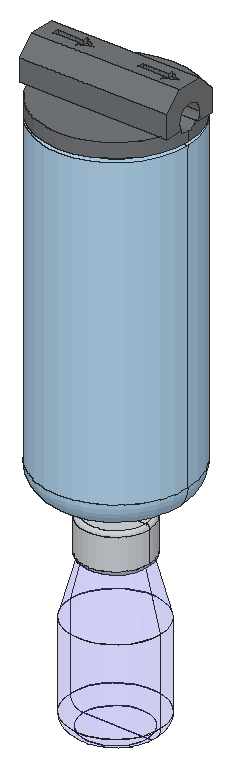
Revit family "FILTRATION ANTI-BACTERIENNE", category Equipement de génie climatique, Revit 2018
Family settings
  Cote de connecteur circulaire = Utiliser le diamètre
  Classification = Aucun
  Type d'élément = Normal
  Basée sur le plan de construction = Non
  Toujours verticalement = Oui
  Couper avec des vides une fois chargée = Non
  Partagée = Non
  Point de calcul de pièce = Non
Parameters (values of type "FD65")
  ØORIFICE = 20 mm
  VISIBILITE_BOCAL = yes
  RAY_POT_1 = RAY_POT - 5 mm  # 51 mm
  RAY_POT = 56 mm
  POIDS(Kg) = 0 mm
  OFFSET_PERC = 277 mm
  OFFSET_FLECHE = 19 mm
  Lien espace client = ""
  LONG_TETE = 114 mm
  LONGUEUR = 0 mm
  LARG_TETE = 43 mm
  LARGEUR = 0 mm
  HAUT_COUVERCLE = 11 mm
  HAUT_POT = 257 mm
  HAUT_TETE = 40 mm
  HAUTEUR = 0 mm
Types (5, lengths in mm): name | ØORIFICE | RAY_POT_1 | RAY_POT | OFFSET_PERC | OFFSET_FLECHE | LONG_TETE | LARG_TETE | HAUT_COUVERCLE | HAUT_POT | HAUT_TETE
  FD30 | 20 | 51 | 56 | 151 | 19 | 114 | 43 | 11 | 133 | 40
  FD65 | 20 | 51 | 56 | 277 | 19 | 114 | 43 | 11 | 257 | 40
  FD130 | 32 | 60 | 65 | 280 | 30 | 130 | 57 | 13 | 258 | 46
  FD320 | 50 | 85 | 90 | 309.5 | 50 | 180 | 63 | 48 | 238 | 104
  FD600 | 50 | 85 | 90 | 606.5 | 50 | 180 | 63 | 48 | 535 | 104
Reference planes
  plane 1 "Centre (avant/arrière)": y = 0
  plane 2: z = 0
  plane 3 "Centre (gauche/droite)": x = 0
  plane 4: x = -545
  plane 5: x = -545
  plane 6: x = -245
  plane 7: z = 257
  plane 8: z = 260
  plane 9: z = 271
  plane 10: z = 300
  plane 11: x = -57
  plane 12: x = 57
  plane 13: y = -21.5
  plane 14: y = 21.5
  plane 15: z = 277
  plane 16: x = -56
  plane 17: x = -51
  plane 18: z = 297
Forms (mm)
  Extrusion 1, solid, not visible
    sketch origin (-671.698, -1524, 268) x (-1, 0, 0) y (0, -1, 0)
      loop
        circle (-126.698, -1132) r 25
    from 0 to 17
  Extrusion 2, solid, not visible
    sketch origin (-671.698, -1524, 268) x (-1, 0, 0) y (0, -1, 0)
      loop
        circle (-126.698, -1132) r 25
    from 0 to 17
  Extrusion 3, solid, not visible
    sketch origin (-371.698, -1524, 268) x (-1, 0, 0) y (0, -1, 0)
      loop
        circle (-126.698, -1132) r 25
    from 0 to 17
  Revolve 4, solid, material "BLEU MILS"
    sketch origin (0, 0, 0) x (1, 0, 0) y (0, 0, 1)
      loop
        line (0, 0) -> (0, 260) -> (-51, 260) -> (-51, 257) -> (-56, 257) -> (-56, 20)
        arc (-56, 20) -> (-50.142, 5.858) -> (-36, 0) r 20
        line (-36, 0) -> (0, 0)
      axis (0, 260) -> (0, 0)
    angle from 0 to 360
  Revolve 5, solid, material "GRIS MILS"
    sketch origin (0, 0, 0) x (1, 0, 0) y (0, 0, 1)
      loop
        line (0, 260) -> (0, 271) -> (-56, 271) -> (-56, 260) -> (0, 260)
      axis (0, 271) -> (0, 260)
    angle from 0 to 360
  Extrusion 6, solid, material "GRIS MILS"
    sketch origin (0, 0, 0) x (1, 0, 0) y (0, 0, 1)
      loop
        line (-57, 300) -> (-57, 271) -> (57, 271) -> (57, 300) -> (-57, 300)
    from -21.5 to 21.5
  Extrusion 7, void
    sketch origin (57, 251.872, 1200) x (0, -1, 0) y (0, 0, 1)
      loop
        circle (251.872, -923) r 10
    from 0 to 30
  Extrusion 8, void
    sketch origin (57, 251.872, 1200) x (0, -1, 0) y (0, 0, 1)
      loop
        line (261.384, -900) -> (273.372, -912.04) -> (273.372, -900) -> (261.384, -900)
      loop
        line (230.372, -900) -> (230.372, -912.034) -> (242.351, -900) -> (230.372, -900)
    from 0 to 114
  Extrusion 9, void
    sketch origin (-87.052, -1524, 300) x (0, -1, 0) y (-1, 0, 0)
      loop
        line (-1526.052, -40.33) -> (-1526.052, -60.33) -> (-1529.434, -60.33) -> (-1524, -69.741) -> (-1518.566, -60.33) -> (-1521.948, -60.33) -> (-1521.948, -40.33) -> (-1526.052, -40.33)
      loop
        line (-1526.052, -106.052) -> (-1526.052, -126.052) -> (-1529.434, -126.052) -> (-1524, -135.463) -> (-1518.566, -126.052) -> (-1521.948, -126.052) -> (-1521.948, -106.052) -> (-1526.052, -106.052)
    from 0 to 3
  Extrusion 10, void
    sketch origin (-57, 251.872, 1181.061) x (0, -1, 0) y (0, 0, 1)
      loop
        circle (251.872, -904.061) r 10
    from 0 to -30
Cuts and joins
  Extrusion 7, Extrusion 8, Extrusion 9, Extrusion 10 cuts Extrusion 6
  Extrusion 7, Extrusion 9, Extrusion 10 cuts Revolve 5
  Extrusion 9 cuts Revolve 4
Dimensions and locks
  equal spacing: plane 13, plane 1 "Centre (avant/arrière)", plane 14
  equal spacing: plane 11, plane 3 "Centre (gauche/droite)", plane 12
  "HAUT_POT": plane 7 to level
  locked: plane 8 to plane 7 at 3
  "HAUT_COUVERCLE": plane 9 to plane 8
  "HAUT_TETE": plane 10 to plane 8
  equal spacing: plane 12, plane 3 "Centre (gauche/droite)", plane 11
  "LARG_TETE": plane 13 to plane 14
  "LONG_TETE": plane 12 to plane 11
  "RAY_POT": plane 3 "Centre (gauche/droite)" to plane 16
  "RAY_POT_1": plane 3 "Centre (gauche/droite)" to plane 17
  "OFFSET_PERC": plane 15 to level
  plane 10 to Extrusion 8 sketch curve = 12.04 mm
  locked: plane 13 to Extrusion 8 sketch curve at 11.988
  locked: Extrusion 8 sketch curve to plane 14 at 11.979
  locked: plane 10 to Extrusion 8 sketch curve at 12.034
  plane 10 to plane 18 = 3 mm
  equal spacing: Extrusion 9 sketch curve, plane 1 "Centre (avant/arrière)", Extrusion 9 sketch curve  (x2)
  Extrusion 9 sketch curve to Extrusion 9 sketch curve = 4.104 mm
  Extrusion 9 sketch curve to Extrusion 9 sketch curve = 10.867 mm
  "OFFSET_FLECHE": plane 3 "Centre (gauche/droite)" to cut or joined group of Extrusion 6, Extrusion 7, Extrusion 8, Extrusion 9, Extrusion 10
  radius of Extrusion 1 sketch curve = 25 mm
  radius of Extrusion 2 sketch curve = 25 mm
  radius of Extrusion 3 sketch curve = 25 mm
  radius of Revolve 4 sketch curve = 20 mm
  "ØORIFICE": diameter of Extrusion 7 sketch curve
  "ØORIFICE": diameter of Extrusion 10 sketch curve
  aligned and locked: level to plane 2
  aligned and locked: Revolve 4 sketch curve to plane 3 "Centre (gauche/droite)"
  aligned and locked: Revolve 4 sketch curve to Revolve 4 sketch curve  (x2)
  aligned and locked: Revolve 4 sketch curve to plane 16
  aligned and locked: level to Revolve 4 sketch curve
  aligned and locked: Revolve 4 sketch curve to plane 7
  aligned and locked: Revolve 4 sketch curve to plane 17
  aligned and locked: Revolve 4 sketch curve to plane 8
  aligned and locked: Revolve 5 sketch curve to plane 3 "Centre (gauche/droite)"
  aligned and locked: Revolve 5 sketch curve to plane 16
  aligned and locked: Revolve 5 sketch curve to plane 9
  aligned and locked: Revolve 5 sketch curve to Revolve 5 sketch curve
  aligned and locked: plane 8 to Revolve 5 sketch curve
  aligned and locked: plane 9 to Extrusion 6 sketch curve
  aligned and locked: Extrusion 6 sketch curve to plane 11
  aligned and locked: plane 12 to Extrusion 6 sketch curve
  aligned and locked: Extrusion 6 sketch curve to plane 10
  aligned and locked: plane 13 to Extrusion 6
  aligned and locked: Extrusion 6 to plane 14
  aligned and locked: plane 1 "Centre (avant/arrière)" to Extrusion 7 sketch curve
  aligned and locked: plane 15 to Extrusion 7 sketch curve
  aligned and locked: plane 10 to Extrusion 8 sketch curve
  aligned and locked: Extrusion 8 sketch curve to plane 13
  aligned and locked: Extrusion 8 to plane 11
  aligned and locked: Extrusion 9 to plane 18
  aligned and locked: plane 1 "Centre (avant/arrière)" to Extrusion 10 sketch curve
  aligned and locked: plane 15 to Extrusion 10 sketch curve
  aligned and locked: plane 3 "Centre (gauche/droite)" to nested 1
  aligned and locked: plane 1 "Centre (avant/arrière)" to nested 1
  aligned and locked: plane 2 to nested 1
Automatic sketch dimensions
  Revolve 4 sketch curve to level = 124.79 mm
  plane 10 to Revolve 4 sketch curve = 80.874 mm
  Revolve 5 sketch curve to Revolve 5 sketch curve = 13.522 mm
  plane 15 to Revolve 5 sketch curve = 22.782 mm
  Extrusion 8 sketch curve to plane 14 = 0 mm
  Extrusion 8 sketch curve to plane 10 = 0 mm
  plane 1 "Centre (avant/arrière)" to Extrusion 9 sketch curve = 0 mm  (x2)
  Extrusion 9 sketch curve to plane 1 "Centre (avant/arrière)" = 2.052 mm  (x2)
  Extrusion 9 sketch curve to Extrusion 9 sketch curve = 3.382 mm  (x3)
  plane 1 "Centre (avant/arrière)" to Extrusion 9 sketch curve = 2.052 mm
  plane 17 to Extrusion 9 sketch curve = 4.278 mm
  Extrusion 9 sketch curve to Extrusion 9 sketch curve = 20 mm  (x2)
  Extrusion 9 sketch curve to Extrusion 9 sketch curve = 0 mm  (x2)
  Extrusion 9 sketch curve to Extrusion 9 sketch curve = 9.411 mm  (x2)
  plane 3 "Centre (gauche/droite)" to Extrusion 9 sketch curve = 19 mm
Nested families
  nested 1: "BOCAL" at (0, 0, -164.5), visible <- "VISIBILITE_BOCAL", type "BOCAL 250cc"
Definition of nested family "BOCAL"
  Parameters (values of type "BOCAL 250cc")
    RAY_RACCORD = 12 mm
    RAY_CULOT = 35 mm
    RAY_CONE = 23 mm
    RAY_BOUCHON = 26 mm
    HAUT_RACCORD = 16.281 mm
    HAUT_CULOT_FLACON = 75.5 mm
    HAUT_BOCAL = 164.5 mm
    HAUT_BOUCHON = 30 mm
    CONGE_CULOT = 10 mm
  Types (4, lengths in mm): name | RAY_CULOT | HAUT_CULOT_FLACON | HAUT_BOCAL | CONGE_CULOT
    BOCAL 5000cc | 93 | 255 | 363 | 35
    BOCAL 250cc | 35 | 75.5 | 164.5 | 10
    BOCAL 500cc | 43 | 110 | 199 | 10
    BOCAL 1000cc | 50 | 155 | 249 | 10
  Reference planes
    plane 1 "Centre (avant/arrière)": y = 0
    plane 2: z = 0
    plane 3 "Centre (gauche/droite)": x = 0
    plane 4: z = 164.5
    plane 5: z = 148.219
    plane 6: z = 118.219
    plane 7: z = 75.5
    plane 8: x = -35
    plane 9: x = -23
    plane 10: x = -26
    plane 11: x = -12
  Forms (mm)
    Revolve 1, solid
      sketch origin (0, 0, 0) x (1, 0, 0) y (0, 0, 1)
        loop
          line (0, 118.219) -> (-23, 118.219) -> (-35, 75.5) -> (-35, 10)
          arc (-35, 10) -> (-32.071, 2.929) -> (-25, 0) r 10
          line (-25, 0) -> (0, 0) -> (0, 118.219)
        axis (0, 118.219) -> (0, 0)
      angle from 0 to 360
    Revolve 2, solid
      sketch origin (0, 0, 0) x (1, 0, 0) y (0, 0, 1)
        loop
          arc (-23, 148.219) -> (-25.121, 147.34) -> (-26, 145.219) r 3
          line (-26, 145.219) -> (-26, 121.219)
          arc (-26, 121.219) -> (-25.121, 119.098) -> (-23, 118.219) r 3
          line (-23, 118.219) -> (0, 118.219) -> (0, 148.219) -> (-23, 148.219)
        axis (0, 148.219) -> (0, 118.219)
      angle from 0 to 360
    Revolve 3, solid
      sketch origin (0, 0, 0) x (1, 0, 0) y (0, 0, 1)
        loop
          line (-12, 164.5) -> (-12, 148.219) -> (0, 148.219) -> (0, 164.5) -> (-12, 164.5)
        axis (0, 164.5) -> (0, 148.219)
      angle from 0 to 360
  Dimensions and locks
    "HAUT_CULOT_FLACON": plane 7 to level
    "HAUT_BOUCHON": plane 5 to plane 6
    "HAUT_RACCORD": plane 4 to plane 5
    "RAY_RACCORD": plane 3 "Centre (gauche/droite)" to plane 11
    "RAY_BOUCHON": plane 3 "Centre (gauche/droite)" to plane 10
    "RAY_CONE": plane 3 "Centre (gauche/droite)" to plane 9
    "RAY_CULOT": plane 3 "Centre (gauche/droite)" to plane 8
    "HAUT_BOCAL": plane 4 to level
    "CONGE_CULOT": radius of Revolve 1 sketch curve
    radius of Revolve 2 sketch curve = 3 mm  (x2)
    aligned and locked: level to plane 2
    aligned and locked: Revolve 1 sketch curve to plane 3 "Centre (gauche/droite)"  (x2)
    aligned and locked: level to Revolve 1 sketch curve
    aligned and locked: Revolve 1 sketch curve to plane 8
    aligned and locked: plane 7 to Revolve 1 sketch curve
    aligned and locked: plane 6 to Revolve 1 sketch curve
    aligned and locked: Revolve 2 sketch curve to plane 3 "Centre (gauche/droite)"  (x2)
    aligned and locked: Revolve 2 sketch curve to plane 5
    aligned and locked: plane 10 to Revolve 2 sketch curve
    aligned and locked: plane 6 to Revolve 2 sketch curve
    aligned and locked: Revolve 3 sketch curve to plane 3 "Centre (gauche/droite)"  (x2)
    aligned and locked: Revolve 3 sketch curve to plane 4
    aligned and locked: plane 5 to Revolve 3 sketch curve
    aligned and locked: Revolve 3 sketch curve to plane 11
  Automatic sketch dimensions
    Revolve 2 sketch curve to level = 366.045 mm
    plane 4 to Revolve 2 sketch curve = 2014.315 mm
    Revolve 3 sketch curve to level = 366.045 mm
    Revolve 3 sketch curve to Revolve 3 sketch curve = 2014.315 mm
    Revolve 1 sketch curve to plane 9 = 0 mm
    level to Revolve 1 sketch curve = 23.548 mm
    Revolve 1 sketch curve to Revolve 1 sketch curve = 11.829 mm
